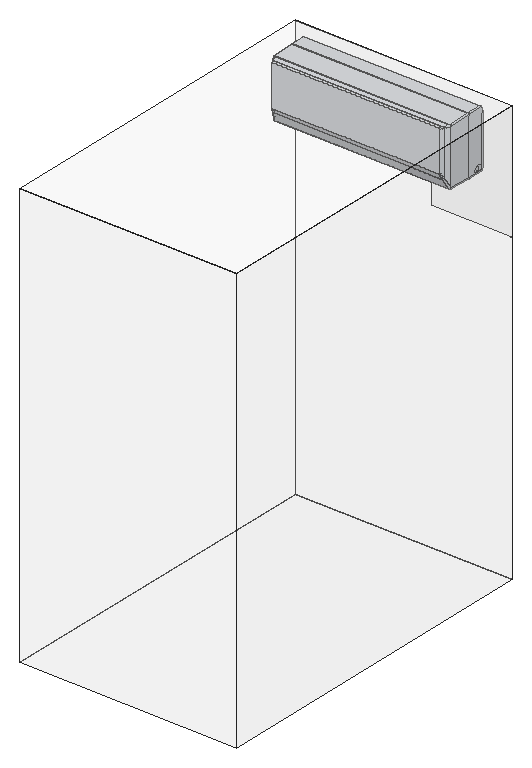
Revit family "pk-rp28_112laka19_50hz", category 機械設備, Revit 2019 (continued)
Definition of nested family "pk-rp80_112(la)ka17"
  Automatic sketch dimensions
    Extrusion 1 sketch curve to Extrusion 1 sketch curve = 4.57 mm
    Extrusion 1 sketch curve to Extrusion 1 sketch curve = 0.828 mm
    Extrusion 1 sketch curve to Extrusion 1 sketch curve = 2.282 mm
    Extrusion 1 sketch curve to Extrusion 1 sketch curve = 1.509 mm
    Extrusion 1 sketch curve to plane 10 "Fkidasi_Z" = 2.669 mm
    Extrusion 1 sketch curve to Extrusion 1 sketch curve = 3.53 mm
    Extrusion 1 sketch curve to Extrusion 1 sketch curve = 0.245 mm
    Extrusion 1 sketch curve to plane 10 "Fkidasi_Z" = 0.212 mm
    Extrusion 1 sketch curve to Extrusion 1 sketch curve = 11.126 mm
    Extrusion 1 sketch curve to Extrusion 1 sketch curve = 11.355 mm
    plane 10 "Fkidasi_Z" to Extrusion 1 sketch curve = 0.239 mm
    Extrusion 1 sketch curve to Extrusion 1 sketch curve = 0.886 mm
    Extrusion 1 sketch curve to Extrusion 1 sketch curve = 14.099 mm
    Extrusion 1 sketch curve to Extrusion 1 sketch curve = 0.981 mm  (x3)
    Extrusion 1 sketch curve to plane 2 = 91.302 mm
    plane 6 "UNDER" to Extrusion 1 sketch curve = 3.179 mm
    Extrusion 1 sketch curve to Extrusion 1 sketch curve = 2.631 mm
    Extrusion 1 sketch curve to Extrusion 1 sketch curve = 10.856 mm
    Extrusion 1 sketch curve to plane 10 "Fkidasi_Z" = 10.968 mm
    Extrusion 1 sketch curve to Extrusion 1 sketch curve = 1.969 mm
    Extrusion 1 sketch curve to plane 10 "Fkidasi_Z" = 1.653 mm
    Extrusion 1 sketch curve to plane 10 "Fkidasi_Z" = 0.674 mm
    Extrusion 1 sketch curve to Extrusion 1 sketch curve = 0.182 mm
    plane 10 "Fkidasi_Z" to Extrusion 1 sketch curve = 19.962 mm
    plane 10 "Fkidasi_Z" to Extrusion 1 sketch curve = 45.88 mm
    Extrusion 1 sketch curve to Extrusion 1 sketch curve = 9.288 mm
    Extrusion 1 sketch curve to Extrusion 1 sketch curve = 1.712 mm
    Extrusion 1 sketch curve to Extrusion 1 sketch curve = 2.453 mm
    Extrusion 1 sketch curve to Extrusion 1 sketch curve = 1.702 mm
    Extrusion 1 sketch curve to Extrusion 1 sketch curve = 0.58 mm
    Extrusion 1 sketch curve to Extrusion 1 sketch curve = 1.434 mm
    Extrusion 1 sketch curve to level = 23.558 mm
    Extrusion 1 sketch curve to Extrusion 1 sketch curve = 8.081 mm
    Extrusion 1 sketch curve to Extrusion 1 sketch curve = 4.288 mm
    Extrusion 1 sketch curve to Extrusion 1 sketch curve = 0.784 mm
    Extrusion 1 sketch curve to Extrusion 1 sketch curve = 0 mm
    Extrusion 1 sketch curve to Extrusion 1 sketch curve = 1.627 mm
    Extrusion 1 sketch curve to Extrusion 1 sketch curve = 0.002 mm
    Extrusion 1 sketch curve to level = 0 mm
    plane 19 to Extrusion 1 sketch curve = 6.097 mm
    Extrusion 1 sketch curve to Extrusion 1 sketch curve = 10.916 mm
    curve 15 to Extrusion 1 = 0 mm
    curve 17 to Extrusion 1 = 0 mm
    curve 20 to Extrusion 1 = 0 mm
    curve 13 to Extrusion 1 = 0 mm
    curve 10 to Extrusion 1 = 0 mm
    curve 8 to Extrusion 1 = 0 mm
    curve 15 to Extrusion 1 = 20 mm
    curve 15 to curve 16 = 8 mm
    curve 19 to Extrusion 1 = 1.466 mm
    curve 21 to Extrusion 1 = 3.034 mm
    curve 21 to curve 17 = 22.703 mm
    curve 14 to curve 9 = 24.618 mm
    curve 10 to curve 14 = 23.733 mm
    curve 10 to curve 12 = 34.286 mm
    curve 9 to Extrusion 1 = 28 mm
    curve 11 to curve 8 = 8 mm
    curve 19 to curve 21 = 11.583 mm
    curve 18 to curve 19 = 23.714 mm
    curve 19 to curve 16 = 19.672 mm
    curve 9 to Extrusion 1 = 35.752 mm
    curve 13 to curve 10 = 10 mm
    curve 13 to curve 11 = 79 mm
    plane 19 to Extrusion 1 sketch curve = 29.248 mm
    curve 6 to Extrusion 1 = 0 mm
    curve 2 to Extrusion 1 = 0 mm
    curve 1 to Extrusion 1 = 0 mm
    curve 2 to Extrusion 1 = 7.8 mm
    curve 1 to Extrusion 1 = 57 mm
    curve 4 to curve 7 = 0 mm
    curve 5 to curve 3 = 8 mm
    curve 3 to curve 7 = 50.624 mm
    curve 7 to curve 6 = 8.376 mm
    curve 7 to curve 3 = 7.895 mm
    curve 24 to Extrusion 1 = 1 mm
    curve 32 to Extrusion 1 = 1.705 mm
    curve 5 to curve 32 = 45 mm
    curve 4 to curve 24 = 48 mm
    curve 32 to Extrusion 1 = 1.664 mm
    curve 2 to Extrusion 1 = 57 mm
    curve 25 to Extrusion 1 = 0 mm
    curve 26 to Extrusion 1 = 0 mm
    curve 30 to Extrusion 1 = 0 mm
    Extrusion 1 to curve 25 = 57 mm
    Extrusion 1 to curve 26 = 7.8 mm
    Extrusion 1 to curve 26 = 57 mm
    curve 31 to curve 28 = 0 mm
    curve 28 to curve 27 = 8 mm
    curve 29 to curve 31 = 50.624 mm
    curve 31 to curve 30 = 8.376 mm
    curve 31 to curve 27 = 7.895 mm
    Extrusion 1 to curve 23 = 1 mm
    Extrusion 1 to curve 22 = 1.664 mm
    Extrusion 1 to curve 22 = 110 mm
    Extrusion 1 to curve 22 = 1.705 mm
    curve 28 to curve 23 = 48 mm
Types (9, lengths in mm): name | 風量_静 (m3/min) | 風量_強 (m3/min) | 風量_弱 (m3/min) | 風量_中 (m3/min) | 風量 | 音響パワーレベル_静 (dB) | 音響パワーレベル_弱 (dB) | 音響パワーレベル_中 (dB) | 音響パワーレベル_強 (dB) | 音響パワーレベル(dB) | 電動機出力_送風機 | 質量 | 構成品番 | 壁掛_PK-RP80_112KA17 | 壁掛_PK-RP40_50LA | 冷媒液管位置-Z | 冷媒液管位置-Y | 冷媒液管位置-X | 冷媒ガス管位置-Z | 冷媒ガス管位置-Y | 冷媒ガス管位置-X | ドレン位置-Z | ドレン位置-Y | ドレン位置-X | Space Top | Space Right_1 | Space Right | Space Left | MIN２風量 | MIN風量 | MID風量 | MAX風量 | 製品質量 | 消費電力_暖房 | 消費電力_冷房 | 消費電力 | 暖房能力 | 冷房能力 | 冷媒管径符号 | 冷媒液管径 | 冷媒ガス管径 | Width | S_H | Height | Depth | Clearance Top | Clearance Right | Clearance Left
  壁掛_PK-RP28LA3 | 6.3 | 8.7 | 7.3 | 8 | 522.0 m³/h | 45 | 48 | 50 | 52 | 52 | 0.03 kW | 15.00 kg | "PK-RP28LA3" | no | yes | 280 | 23 | 711 | 268 | 23 | 642 | 274 | 37 | 660 | 50 | 260 | 150 | 50 | 378.0 m³/h | 438.0 m³/h | 480.0 m³/h | 522.0 m³/h | 12.50 kg | 0.02 kW | 0.03 kW | 0.03 kW | 2.80 kW | 2.5 kW | "Ac" | 6.35 | 12.70 | 898 | 356 | 299 | 237 | 50 | 150 | 50
  壁掛_PK-RP40LA3 | 6.8 | 10.7 | 8.2 | 9.4 | 642.0 m³/h | 47 | 51 | 54 | 57 | 57 | 0.03 kW | 15.00 kg | "PK-RP40LA3" | no | yes | 280 | 35 | 711 | 268 | 35 | 642 | 245 | 35 | 660 | 50 | 260 | 150 | 50 | 408.0 m³/h | 492.0 m³/h | 564.0 m³/h | 642.0 m³/h | 12.50 kg | 0.03 kW | 0.04 kW | 0.04 kW | 4.00 kW | 3.6 kW | "Ac" | 6.35 | 12.70 | 898 | 356 | 299 | 237 | 50 | 150 | 50
  壁掛_PK-RP45LA3 | 6.8 | 10.7 | 8.2 | 9.4 | 642.0 m³/h | 48 | 51 | 54 | 57 | 57 | 0.03 kW | 15.00 kg | "PK-RP45LA3" | no | yes | 280 | 35 | 711 | 268 | 35 | 642 | 245 | 35 | 660 | 50 | 260 | 150 | 50 | 408.0 m³/h | 492.0 m³/h | 564.0 m³/h | 642.0 m³/h | 12.50 kg | 0.03 kW | 0.04 kW | 0.04 kW | 4.50 kW | 4 kW | "Ac" | 6.35 | 12.70 | 898 | 356 | 299 | 237 | 50 | 150 | 50
  壁掛_PK-RP50LA3 | 6.8 | 10.7 | 8.2 | 9.4 | 642.0 m³/h | 48 | 51 | 54 | 57 | 57 | 0.03 kW | 15.00 kg | "PK-RP50LA3" | no | yes | 280 | 35 | 711 | 268 | 35 | 642 | 245 | 35 | 660 | 50 | 260 | 150 | 50 | 408.0 m³/h | 492.0 m³/h | 564.0 m³/h | 642.0 m³/h | 12.50 kg | 0.03 kW | 0.04 kW | 0.04 kW | 5.00 kW | 4.5 kW | "Ac" | 6.35 | 12.70 | 898 | 356 | 299 | 237 | 50 | 150 | 50
  壁掛_PK-RP56LA3 | 7.3 | 13.6 | 9.4 | 11.6 | 816.0 m³/h | 49 | 54 | 59 | 63 | 63 | 0.03 kW | 15.00 kg | "PK-RP56LA3" | no | yes | 280 | 35 | 711 | 268 | 35 | 642 | 245 | 35 | 660 | 50 | 260 | 150 | 50 | 438.0 m³/h | 564.0 m³/h | 696.0 m³/h | 816.0 m³/h | 12.50 kg | 0.05 kW | 0.06 kW | 0.06 kW | 5.60 kW | 5 kW | "Ac" | 6.35 | 12.70 | 898 | 356 | 299 | 237 | 50 | 150 | 50
  壁掛_PK-RP63KA19 | 0 | 19 | 16.5 | 17.8 | 1140.0 m³/h | 0 | 53 | 55 | 56 | 56 | 0.057 kW | 24.00 kg | "PK-RP63KA19" | yes | no | 312 | 30 | 636 | 333 | 25 | 567 | 347 | 61 | 719 | 48 | 220 | 100.5 | 52.3 | 0.0 m³/h | 990.0 m³/h | 1068.0 m³/h | 1140.0 m³/h | 20.00 kg | 0.06 kW | 0.06 kW | 0.06 kW | 6.30 kW | 5.6 kW | "Ac" | 6.35 | 12.70 | 1170 | 420 | 365 | 295 | 48 | 100.5 | 52.3
  壁掛_PK-RP71KA19 | 0 | 19 | 16.5 | 17.8 | 1140.0 m³/h | 0 | 53 | 55 | 56 | 56 | 0.057 kW | 25.20 kg | "PK-RP71KA19" | yes | no | 312 | 30 | 636 | 333 | 25 | 567 | 347 | 61 | 719 | 48 | 220 | 100.5 | 52.3 | 0.0 m³/h | 990.0 m³/h | 1068.0 m³/h | 1140.0 m³/h | 21.00 kg | 0.06 kW | 0.06 kW | 0.06 kW | 7.00 kW | 6.3 kW | "Bd" | 9.52 | 15.88 | 1170 | 420 | 365 | 295 | 48 | 100.5 | 52.3
  壁掛_PK-RP80KA19 | 0 | 23 | 17 | 20 | 1380.0 m³/h | 0 | 53 | 57 | 61 | 61 | 0.057 kW | 25.20 kg | "PK-RP80KA19" | yes | no | 312 | 30 | 636 | 333 | 25 | 567 | 347 | 61 | 719 | 48 | 220 | 100.5 | 52.3 | 0.0 m³/h | 1020.0 m³/h | 1200.0 m³/h | 1380.0 m³/h | 21.00 kg | 0.07 kW | 0.07 kW | 0.07 kW | 8.00 kW | 7.1 kW | "Bd" | 9.52 | 15.88 | 1170 | 420 | 365 | 295 | 48 | 100.5 | 52.3
  壁掛_PK-RP112KA19 | 0 | 25 | 17 | 21 | 1500.0 m³/h | 0 | 56 | 61 | 66 | 66 | 0.057 kW | 25.20 kg | "PK-RP112KA19" | yes | no | 312 | 30 | 636 | 333 | 25 | 567 | 347 | 61 | 719 | 48 | 220 | 100.5 | 52.3 | 0.0 m³/h | 1020.0 m³/h | 1260.0 m³/h | 1500.0 m³/h | 21.00 kg | 0.07 kW | 0.07 kW | 0.07 kW | 11.20 kW | 10 kW | "Bd" | 9.52 | 15.88 | 1170 | 420 | 365 | 295 | 48 | 100.5 | 52.3
